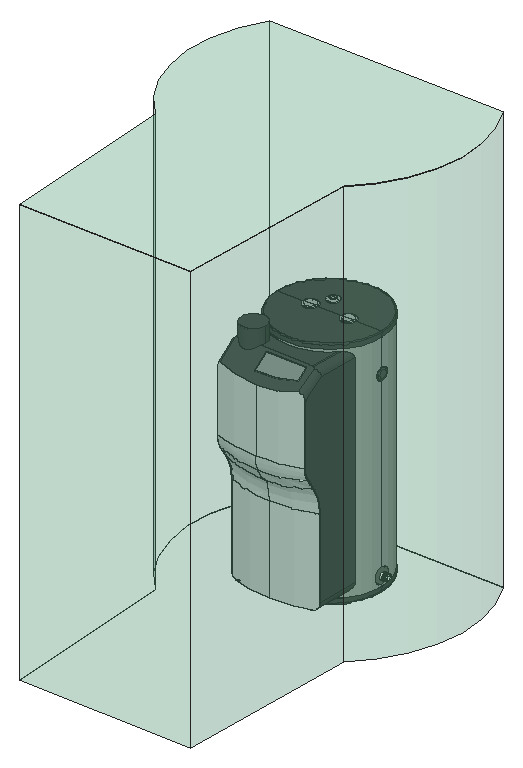
Revit family "Innovo NL_IR 32 285 NL NAT", category Mechanical Equipment, Revit 2015
Parameters (values of type "IR-32-285 NL NAT")
  Werkruimte Radius = Diameter + 170 mm  # 730 mm
  Werkruimte Hoogte = Hoogte + 1000 mm  # 2270 mm
  Werkruimte Afstand Voor = 1000 mm
  Werkruimte [instance] = yes
  Voorzorgsmaatregelen tijdens montage, installatie of onderhoud = "zie Gebruikers, Installatie, Service en Onderhouds handleiding"  # constant formula
  Voltage = 230 V  # constant formula
  Verpakkingslengte = 946 mm  # constant formula
  Verpakkingshoogte = 1465 mm
  Verpakkingsbreedte = 786 mm  # constant formula
  Uitsluitend werkend in daluren = no
  Type aanduiding = "IR-12-160"
  Transportgewicht = 114 kg
  Totaal Gewicht = 274 kg
  Stilstandsverlies - dagelijks (24u) = 0 W
  Stilstandsverlies = 0 W
  Standaard Afgesteld op = "G25.3"
  Stand Regelthermostaat = 65 °C  # constant formula
  Soort Verpakking = "Karton en Hout"  # constant formula
  Slimme controlefunctie = no
  Setpoint thermostaat = 65 °C  # constant formula
  Seizoens Rendement (Hs) = [Rendement (Hs, vlgs. NEN-EN 89 - 1999)]  # 96
  Rendement (Hs, vlgs. NEN-EN 89 - 1999) = 96
  Rendement (Hi, vlgs. NEN-EN 89 - 1999) = 107
  Produktspecificaties Link = ""
  Produkthandleiding Link = ""
  Produkt Model Nummer (EAN-nummer) = "8717449283780"
  Onderhoudsinterval = "12 maanden"  # constant formula
  Nominale Belasting (Onderwaarde) = "10900.0"
  Nominale Belasting (Bovenwaarde) = "12100.0"
  Nominaal Vermogen = "11700.0"
  NOx-uitstoot mg/kWh = "22.0"
  NOx-uitstoot (lucht vrij, 0% O2) ppm = "14"
  Min. Stand Regelthermostaat = 40 °C  # constant formula
  Max. Werkdruk = 800000.0 Pa
  Max. Stand Regelthermostaat = 85 °C  # constant formula
  Max. Rookgastemperatuur = 45 °C
  Ledig Gewicht = 95 kg
  Kraan Hoogte 02 = if(and(Hoogte = 1745 mm, Diameter = 675 mm), 1518 mm, if(and(Hoogte = 1745 mm, Diameter = 610 mm), 1534 mm, if(Hoogte = 1545 mm, 1328 mm, 1070 mm)))  # 1070 mm
  Kraan Hoogte 01 = if(and(Diameter > 560 mm), 693 mm, 604 mm)  # 604 mm
  Uitschakeldruk LDS < = 115.0 Pa
  URL = "www.aosmith.nl"
  Tapcapaciteit bij ΔT = 70°C  na 90 min. = 270.0 L
  Tapcapaciteit bij ΔT = 70°C  na 60 min. = 200.0 L
  Tapcapaciteit bij ΔT = 70°C  na 30 min. = 120.0 L
  Tapcapaciteit bij ΔT = 70°C  na 120 min. = 340.0 L
  Tapcapaciteit bij ΔT = 55°C  na 90 min. = 370.0 L
  Tapcapaciteit bij ΔT = 55°C  na 60 min. = 270.0 L
  Tapcapaciteit bij ΔT = 55°C  na 30 min. = 180.0 L
  Tapcapaciteit bij ΔT = 55°C  na 120 min. = 460.0 L
  Tapcapaciteit bij ΔT = 50°C  na 90 min. = 410.0 L
  Tapcapaciteit bij ΔT = 50°C  na 60 min. = 310.0 L
  Tapcapaciteit bij ΔT = 50°C  na 30 min. = 210.0 L
  Tapcapaciteit bij ΔT = 50°C na 120 min. = 510.0 L
  Tapcapaciteit bij ΔT = 44°C na 120 min. = 480.0 L
  Tapcapaciteit bij ΔT = 44°C  na 90 min. = 360.0 L
  Tapcapaciteit bij ΔT = 44°C  na 60 min. = 250.0 L
  Tapcapaciteit bij ΔT = 44°C  na 30 min. = 590.0 L
  Tapcapaciteit bij ΔT = 28°C na 90 min. = 780.0 L
  Tapcapaciteit bij ΔT = 28°C na 60 min. = 600.0 L
  Tapcapaciteit bij ΔT = 28°C na 30 min. = 420.0 L
  Tapcapaciteit bij ΔT = 28°C na 120 min. = 960.0 L
  Tapcapaciteit Continu bij ΔT = 70°C = 150.0 L/s
  Tapcapaciteit Continu bij ΔT = 55°C = 190.0 L/s
  Tapcapaciteit Continu bij ΔT = 50°C = 200.0 L/s
  Tapcapaciteit Continu bij ΔT = 44°C = 230.0 L/s
  Tapcapaciteit Continu bij ΔT = 28°C = 360.0 L/s
  Opwarmtijd bij ΔT = 70°C = "42"
  Opwarmtijd bij ΔT = 55°C = "34"
  Opwarmtijd bij ΔT = 50°C = "31"
  Opwarmtijd bij ΔT = 44°C = "27"
  Opwarmtijd bij ΔT = 28°C = "17"
  Model = "IR-12-160 NL NAT"
  Manufacturer = "A.O. Smith Water Products Company b.v."  # constant formula
  Length = 780 mm  # constant formula
  Jaarlijks elektriciteitsverbruik (2) = "-"
  Jaarlijks elektriciteitsverbruik (1) = "38 kWh"
  Jaarlijks brandstofverbruik (2) = "-"
  Jaarlijks brandstofverbruik (1) = "16 GJ GCV"
  Isolatiedikte = 50 mm
  Installatie Typen = "B23/C13/C33/C43/C53/C63"  # constant formula
  Inhoud = 160.0 L
  Hoogte Warm Water Uitlaat = 1270 mm
  Hoogte Rookgasafvoer = 1295 mm
  Hoogte Lucht Inlaat = 1295 mm
  Hoogte Koud Water Inlaat = 170 mm
  Hoogte Gas Aansluiting = 860 mm
  Hoogte = 1270 mm
  Handelsmerk = "A.O. Smith"  # constant formula
  Geluidsniveau dB (A) = "<45"  # constant formula
  Geluidsniveau binnen = "41 dB"
  Gasverbruik - Volume ltr/hr = "1.20"
  Gasverbruik - Massa kg/h = "n.v.t."
  Gascategorie = "II2EK3B/P"  # constant formula
  Gas Voordruk = 2500.0 Pa
  Gas Aansluiting = 15"  # constant formula
  Garrantie op Tank = "36 maanden"  # constant formula
  Garrantie op Onderdelen = "12 maanden"  # constant formula
  Frequentie = 50 Hz  # constant formula
  Fase = 1
  Fabrikantnummer = "E 7110"  # constant formula
  Energie-efficiëntieklasse voor waterverwarming (2) = "-"
  Energie-efficiëntieklasse voor waterverwarming (1) = "A"  # constant formula
  Energie-efficiëntie voor waterverwarming (2) = "-"
  Energie-efficiëntie voor waterverwarming (1) = "92%"
  Elektrisch Vermogen (piek) = 85 W
  Elektrisch Vermogen (nominaal) = 25 W
  Diameter Schoorsteen - parallel systeem = "2x80"  # constant formula
  Diameter Schoorsteen - concentrisch systeem = "80/125 mm/mm"  # constant formula
  Diameter Schoorsteen - boiler = "80/125 mm/mm"  # constant formula
  Diameter = 560 mm
  Description = "Condenserende Hoog Rendementsboiler"  # constant formula
  Created By = "http://www.cadcompany.nl/"
  Capaciteitsprofiel = "XL"
  CO2-uitstoot (tol. +/- 1.0) vol% = "9.3"
  CE-PIN = "0063CQ3037"  # constant formula
  Breedte = Diameter  # 560 mm
  Bestemming / Land = "Nederland"  # constant formula
  BIM Content Developer = "CAD & Company"  # constant formula
  Assembly Code = "D3010"
  Ander capaciteitsprofiel = "-"
  Aansluiting Warm Water = 3/4"
  Aansluiting T&P = 3/4"
  Aansluiting Koud Water = 3/4"  # constant formula
  Aansluiting Condensafvoer = 40 mm  # constant formula
  Aansluiting Aftapkraan = 3/4"  # constant formula
  2e Onderhoud (algeheel onderhoud) = "12 maanden na installatie"  # constant formula
  1e Onderhoud (check-up) = "3 maanden na installatie"  # constant formula
Reference planes
  plane 1 "Center (Front/Back)": y = 0
  plane 2: z = 0
  plane 3 "Center (Left/Right)": x = 0
  plane 4 "Pipe": through (-383.901, 912.349, 194.799) normal (-0.0879, -0.0879, 0.9923)
  plane 5 "footing": y = 118.925
  plane 6 "footing front": y = -237.85
  plane 7: x = -280
  plane 8: x = 280
  plane 9: z = 1270
Forms (mm)
  Revolve 1, solid, material "RAL 9005", detail levels medium+fine
    sketch origin (0, -237.85, 0) x (-1, 0, 0) y (0, 0, 1)
      loop
        line (0, 28.9) -> (-15, 28.9) -> (-15, 26.4) -> (-8.671, 26.4) -> (-8.671, 18) -> (-5.686, 18) -> (-6.626, 17.06) -> (-6.626, 12.06) -> (-8.671, 12.06) -> (-8.671, 10) -> (-10.031, 10) -> (-23.271, 5.181)
        arc (-23.271, 5.181) -> (-23.763, 4.836) -> (-24.017, 4.293) r 1.159
        line (-24.017, 4.293) -> (-24.017, 1.03)
        arc (-24.017, 1.03) -> (-23.715, 0.302) -> (-22.986, 0) r 1.03
        line (-22.986, 0) -> (0, 0) -> (0, 28.9)
      axis (0, 28.9) -> (0, 0)
    angle from 0 to 360
  Revolve 2, solid, material "RAL 9005", detail levels medium+fine
    sketch origin (0, 118.925, 0) x (-1, 0, 0) y (0, 0, 1)
      loop
        line (-180.984, 28.9) -> (-195.984, 28.9) -> (-195.984, 26.4) -> (-189.655, 26.4) -> (-189.655, 18) -> (-186.67, 18) -> (-187.61, 17.06) -> (-187.61, 12.06) -> (-189.655, 12.06) -> (-189.655, 10) -> (-191.015, 10) -> (-204.256, 5.181)
        arc (-204.256, 5.181) -> (-204.747, 4.836) -> (-205.001, 4.293) r 1.159
        line (-205.001, 4.293) -> (-205.001, 1.03)
        arc (-205.001, 1.03) -> (-204.699, 0.302) -> (-203.971, 0) r 1.03
        line (-203.971, 0) -> (-180.984, 0) -> (-180.984, 28.9)
      axis (-180.984, 28.9) -> (-180.984, 0)
    angle from 0 to 360
  Revolve 3, solid, material "RAL 9005", detail levels medium+fine
    sketch origin (0, 118.925, 0) x (-1, 0, 0) y (0, 0, 1)
      loop
        line (179.016, 28.9) -> (164.016, 28.9) -> (164.016, 26.4) -> (170.345, 26.4) -> (170.345, 18) -> (173.33, 18) -> (172.39, 17.06) -> (172.39, 12.06) -> (170.345, 12.06) -> (170.345, 10) -> (168.985, 10) -> (155.744, 5.181)
        arc (155.744, 5.181) -> (155.253, 4.836) -> (154.999, 4.293) r 1.159
        line (154.999, 4.293) -> (154.999, 1.03)
        arc (154.999, 1.03) -> (155.301, 0.302) -> (156.029, 0) r 1.03
        line (156.029, 0) -> (179.016, 0) -> (179.016, 28.9)
      axis (179.016, 28.9) -> (179.016, 0)
    angle from 0 to 360
Lines and regions (mm)
  symbolic lines
    curve 1: line (0, 280.06, 0) -> (0, -280.06, 0)
    curve 2: line (-255.06, 0, 0) -> (255.06, 0, 0)
  symbolic lines, style "Workspace"
    curve 3: line (623.261, 380.06, 0) -> (-623.261, 380.06, 0)
    curve 4: arc (-623.261, 380.06, 0) -> (-726.942, -66.745, 0) -> (-543.632, -487.2, 0) r 730
    curve 5: line (-543.632, -487.2, 0) -> (-396.783, -1492.825, 0)
    curve 6: line (-396.783, -1492.825, 0) -> (399.03, -1492.825, 0)
    curve 7: line (399.03, -1492.825, 0) -> (545.76, -484.816, 0)
    curve 8: arc (545.76, -484.816, 0) -> (727.087, -65.154, 0) -> (623.261, 380.06, 0) r 730
Dimensions and locks
  plane 5 "footing" to plane 1 "Center (Front/Back)" = 118.925 mm
  plane 1 "Center (Front/Back)" to plane 6 "footing front" = 237.85 mm
  "Diameter": plane 7 to plane 8
  equal spacing: plane 7, plane 3 "Center (Left/Right)", plane 8
  "Hoogte": plane 9 to plane 2
  "Werkruimte Afstand Voor": curve 6 to nested 3
  "Werkruimte Radius": radius of curve 4
  "Werkruimte Radius": radius of curve 8
  aligned and locked: level to plane 2
  aligned and locked: nested 3 to Revolve 1 sketch curve
  aligned and locked: plane 3 "Center (Left/Right)" to Revolve 1 sketch curve
  aligned and locked: nested 3 to plane 1 "Center (Front/Back)"
  aligned and locked: plane 3 "Center (Left/Right)" to nested 3
  aligned and locked: nested 1 to plane 8
  aligned and locked: nested 5 to plane 8
  aligned and locked: nested 2 to plane 7
  aligned and locked: nested 4 to plane 7
  aligned and locked: nested 7 to plane 7
  aligned and locked: nested 8 to plane 3 "Center (Left/Right)"
  aligned and locked: curve 3 to nested 8
  aligned and locked: nested 8 to nested 3
Automatic sketch dimensions
  Revolve 1 sketch curve to level = 0 mm
  plane 3 "Center (Left/Right)" to Revolve 1 sketch curve = 5.686 mm
  Revolve 1 sketch curve to Revolve 1 sketch curve = 0.94 mm  (x2)
  Revolve 1 sketch curve to Revolve 1 sketch curve = 2.046 mm  (x2)
  Revolve 1 sketch curve to Revolve 1 sketch curve = 1.359 mm
  Revolve 1 sketch curve to Revolve 1 sketch curve = 6.329 mm
  level to Revolve 1 sketch curve = 4.091 mm
  Revolve 1 sketch curve to Revolve 1 sketch curve = 12.844 mm
  level to Revolve 1 sketch curve = 1.03 mm
  Revolve 1 sketch curve to Revolve 1 sketch curve = 0.111 mm
  level to Revolve 1 sketch curve = 5.181 mm
  Revolve 1 sketch curve to Revolve 1 sketch curve = 0.745 mm
  level to Revolve 1 sketch curve = 10 mm
  Revolve 1 sketch curve to Revolve 1 sketch curve = 2.06 mm
  Revolve 1 sketch curve to Revolve 1 sketch curve = 5 mm
  Revolve 1 sketch curve to Revolve 1 sketch curve = 8.4 mm
  Revolve 1 sketch curve to Revolve 1 sketch curve = 2.5 mm
  Revolve 1 sketch curve to level = 19.635 mm
  Revolve 1 sketch curve to Revolve 1 sketch curve = 46.465 mm
  Revolve 2 sketch curve to level = 0 mm
  level to Revolve 2 sketch curve = 1.03 mm
  Revolve 2 sketch curve to plane 8 = 74.999 mm
  level to Revolve 2 sketch curve = 5.181 mm
  Revolve 2 sketch curve to Revolve 2 sketch curve = 0.745 mm
  Revolve 2 sketch curve to Revolve 2 sketch curve = 0.397 mm
  Revolve 2 sketch curve to Revolve 2 sketch curve = 8.271 mm
  Revolve 2 sketch curve to Revolve 2 sketch curve = 13.241 mm
  Revolve 2 sketch curve to Revolve 2 sketch curve = 1.359 mm
  Revolve 2 sketch curve to Revolve 2 sketch curve = 6.329 mm
  Revolve 2 sketch curve to Revolve 2 sketch curve = 2.046 mm
  level to Revolve 2 sketch curve = 18 mm
  Revolve 2 sketch curve to Revolve 2 sketch curve = 0.94 mm  (x2)
  Revolve 2 sketch curve to Revolve 2 sketch curve = 8.671 mm
  Revolve 2 sketch curve to Revolve 2 sketch curve = 1.089 mm
  Revolve 2 sketch curve to Revolve 2 sketch curve = 8 mm
  Revolve 2 sketch curve to Revolve 2 sketch curve = 2.06 mm
  Revolve 2 sketch curve to Revolve 2 sketch curve = 8.4 mm
  Revolve 2 sketch curve to Revolve 2 sketch curve = 2.5 mm
  Revolve 2 sketch curve to Revolve 2 sketch curve = 0 mm
  Revolve 2 sketch curve to level = 19.635 mm
  Revolve 2 sketch curve to Revolve 2 sketch curve = 46.465 mm
  Revolve 3 sketch curve to level = 0 mm
  level to Revolve 3 sketch curve = 1.03 mm
  Revolve 3 sketch curve to plane 7 = 125.001 mm
  level to Revolve 3 sketch curve = 5.181 mm
  Revolve 3 sketch curve to Revolve 3 sketch curve = 0.745 mm
  Revolve 3 sketch curve to Revolve 3 sketch curve = 0.397 mm
  Revolve 3 sketch curve to Revolve 3 sketch curve = 8.271 mm
  Revolve 3 sketch curve to Revolve 3 sketch curve = 13.241 mm
  Revolve 3 sketch curve to Revolve 3 sketch curve = 1.359 mm
  Revolve 3 sketch curve to Revolve 3 sketch curve = 6.329 mm
  Revolve 3 sketch curve to Revolve 3 sketch curve = 2.046 mm
  level to Revolve 3 sketch curve = 18 mm
  Revolve 3 sketch curve to Revolve 3 sketch curve = 0.94 mm  (x2)
  Revolve 3 sketch curve to Revolve 3 sketch curve = 8.671 mm
  Revolve 3 sketch curve to Revolve 3 sketch curve = 1.089 mm
  Revolve 3 sketch curve to Revolve 3 sketch curve = 8 mm
  Revolve 3 sketch curve to Revolve 3 sketch curve = 2.06 mm
  Revolve 3 sketch curve to Revolve 3 sketch curve = 8.4 mm
  Revolve 3 sketch curve to Revolve 3 sketch curve = 2.5 mm
  Revolve 3 sketch curve to Revolve 3 sketch curve = 0 mm
  Revolve 3 sketch curve to level = 19.635 mm
  Revolve 3 sketch curve to Revolve 3 sketch curve = 46.465 mm
  curve 4 to curve 8 = 0 mm  (x2)
  plane 1 "Center (Front/Back)" to curve 2 = 0 mm
  curve 1 to plane 3 "Center (Left/Right)" = 0 mm
  plane 1 "Center (Front/Back)" to curve 4 = 0 mm
  curve 4 to plane 3 "Center (Left/Right)" = 0 mm
  curve 5 to plane 6 "footing front" = 249.35 mm
  plane 7 to curve 5 = 116.783 mm
  plane 8 to curve 7 = 119.03 mm
  curve 7 to plane 6 "footing front" = 246.966 mm
  curve 2 to plane 7 = 24.94 mm
  curve 2 to plane 8 = 24.94 mm
  curve 1 to plane 6 "footing front" = 42.21 mm
  plane 5 "footing" to curve 1 = 161.135 mm
Nested families
  nested 1: "Valve" at (280, -0.38, 1070) x (0, 1, 0) z (0, 0, 1), built-in parameter 1001364 <- "Kraan Hoogte 02", type "Valve"
  nested 2: "Drain Valve" at (-280, 0, 1070), built-in parameter 1001364 <- "Kraan Hoogte 02", type "Drain Valve"
  nested 3: "Housing Mother Housing S 57 (external)" at (0, -274.886, 0), type "Housing Mother_Housing S_57"
  nested 4: "Drain Valve" at (-280, 0, 177), type "Drain Valve"
  nested 5: "Drain Valve" at (280, 0, 107) x (-1, 0, 0) z (0, 0, 1), type "Drain Valve"
  nested 6: "Boiler" at (0, 0, 0), height <- "Hoogte", type "Boiler"
    with height 1270 mm
  nested 7: "Drain Valve" at (-280, 0, 604), built-in parameter 1001364 <- "Kraan Hoogte 01", type "Drain Valve"
  nested 8: "Innovo_workspace" at (0, 0, 0), Workspace <- "Werkruimte", Workspace Distance Front <- "Werkruimte Afstand Voor", Workspace Height <- "Werkruimte Hoogte", Workspace Radius <- "Werkruimte Radius", type "Workspace"
    with Workspace Radius 730 mm, Workspace Height 2270 mm, Workspace Distance Front 1000 mm, Workspace yes, Center to Front 492.825 mm
Connectors
  piping at (314.826, 0, 107), diameter 19.05, driven by "Aansluiting Aftapkraan"
    settings: on nested 5, index 1, connector inside diameter 24", connector length 0 mm, flow factor 0, pipe flow 0.0 L/s, pressure drop 0.0 Pa, fitting loss kfactor 0, connector angle 0.00°, fixture units 0, engagement length 0 mm, angle of deflection 0.00°, flow configuration 0, flow direction 0, fitting loss method 0, system type 19, joint type 0, gender type 0, connector reference index -1, connector utility 0, adjustable connector no, is connector primary yes, connector description ""
  hvac at (-147.013, -321.326, 1310.674)
    settings: on nested 3, index 2, duct flow 0.0 L/s, flow factor 0, pres drop 0.0 Pa, loss coef 0, conn angle 0.00°, conn width 304.8 mm, conn height 304.8 mm, conn diameter 125 mm, duct sys type 4, conn prof type 0, flow config 0, flow direction 0, loss method 0, conn ref index -1, conn util no, is conn primary yes, conn desc ""
Definition of nested family "Valve"
  Parameters (values of type "Valve")
    Type Comments = "T&P valve (internal)"
    Manufacturer = "A.O. Smith"
  Reference planes
    plane 1 "Center (Front/Back)": y = 0
    plane 2: z = 0
    plane 3 "Center (Left/Right)": x = 0
  Forms (mm)
    Extrusion 1, solid, detail levels fine
      sketch origin (0, 0, 0) x (1, 0, 0) y (0, 0, 1)
        loop
          circle (0, 0) r 31.5
      from -2.271 to 1.4
    Sweep 2, solid, detail levels fine
      path origin (0, -1.4, 0) x (1, 0, 0) y (0, 0, 1)
        loop
          circle (0, 0) r 31.5
      profile origin (0, -1.4, 31.5) x (0, 0, -1) y (0, -1, 0)
        loop
          line (7.3, 0) -> (7.3, 3) -> (0, 0) -> (7.3, 0)
  Dimensions and locks
    aligned and locked: level to plane 2
Definition of nested family "Drain Valve"
  Reference planes
    plane 1 "Center (Front/Back)": y = 0
    plane 2: z = 0
    plane 3 "Center (Left/Right)": x = 0
  Forms (mm)
    Revolve 1, solid, detail levels medium+fine
      sketch origin (0, 0, 0) x (1, 0, 0) y (0, 0, 1)
        loop
          line (-33.442, 15.696) -> (-34.826, 14.329) -> (-34.93, 12.731) -> (-16.555, 12.731) -> (-16.555, 0) -> (15.787, 0) -> (15.787, 18.3) -> (-14.4, 18.3) -> (-17.148, 15.533) -> (-18.729, 16.697) -> (-20.091, 15.333) -> (-21.672, 16.496) -> (-23.034, 15.133) -> (-24.614, 16.296) -> (-25.976, 14.932) -> (-27.557, 16.096) -> (-28.919, 14.732) -> (-30.5, 15.896) -> (-31.862, 14.532) -> (-33.442, 15.696)
        axis (-34.93, 0) -> (15.787, 0)
      angle from 0 to 360
  Dimensions and locks
    aligned and locked: level to plane 2
  Nested families
    nested 1: "Rubber sealing" at (2.592, -0.155, 0) x (0.0023, -1, 0) z (0, 0, 1), type "Rubber sealing", detail levels fine
  Definition of nested family "Rubber sealing"
    Reference planes
      plane 1 "Center (Front/Back)": y = 0
      plane 2: z = 0
      plane 3 "Center (Left/Right)": x = 0
    Forms (mm)
      Extrusion 1, solid, detail levels fine
        sketch origin (141.861, 319.581, 0) x (1, 0, 0) y (0, 1, 0)
          loop
            line (-216.354, -311.898) -> (-216.354, -313.94)
            arc (-216.354, -313.94) -> (-141.602, -321.581) -> (-66.861, -313.835) r 366.966
            line (-66.861, -313.835) -> (-66.861, -311.791)
            arc (-66.861, -311.791) -> (-141.602, -319.581) -> (-216.354, -311.898) r 364.966
        from -80 to 80
      Extrusion 2, void
        sketch origin (141.861, 319.581, 0) x (1, 0, 0) y (0, 0, 1)
          loop
            circle (-141.861, 0) r 13
          loop
            circle (-141.861, 0) r 110
          loop
            circle (-141.861, 0) r 40
        from 311.563 to 332.684
      Extrusion 3, void
        sketch origin (141.861, 319.581, 0) x (1, 0, 0) y (0, 0, 1)
          loop
            circle (-141.861, 0) r 18.25
        from 315.524 to 326.084
    Cuts and joins
      Extrusion 2, Extrusion 3 cuts Extrusion 1
    Dimensions and locks
      aligned and locked: level to plane 2
Definition of nested family "Housing Mother Housing S 57 (external)"
  Parameters (values of type "Housing Mother_Housing S_57")
    radius [instance] = 280 mm
    distance to boiler center = if(diameter = 675 mm, 189 mm, if(diameter = 610 mm, 154 mm, 129 mm))  # 129 mm
    diameter = 560 mm
  Reference planes
    plane 1 "Center (Front/Back)": y = 0
    plane 2: z = 0
    plane 3 "Center (Left/Right)": x = 0
    plane 4 "left": through (-245.286, 145.886, 1200) normal (0.9994, 0.0349, 0)
    plane 5: y = -217.939
    plane 6: y = 145.886
    plane 7: z = 1232.6
    plane 8: z = 65.89
    plane 9 "right": through (245.286, 145.886, 1200) normal (0.9994, -0.0349, 0)
    plane 10 "display": through (0, -90.37, 1221.196) normal (0, -0.5736, 0.8192)
    plane 11 "Potentiostat": z = 867.899
    plane 12 "boiler center": y = 274.886
    plane 13: x = -280
    plane 14: x = 280
  Forms (mm)
    Extrusion 1, solid
      sketch origin (0, 0, 0) x (1, 0, 0) y (0, 1, 0)
        loop
          line (-245.286, 145.886) -> (-232.581, -217.939) -> (232.581, -217.939) -> (245.286, 145.886)
          arc (245.286, 145.886) -> (0, 0.923) -> (-245.286, 145.886) r 280
      from 0 to 1232.6
    Sweep 2, void
      path origin (0, 0, 0) x (0, 1, 0) y (0, 0, 1)
        loop
          line (-217.939, 1232.6) -> (-217.939, 795.555)
          arc (-217.939, 795.555) -> (-212.387, 754.285) -> (-197.694, 715.322) r 183.924
          arc (-197.694, 715.322) -> (-179.915, 684.628) -> (-159.106, 655.901) r 348.284
          arc (-159.106, 655.901) -> (-131.411, 600.328) -> (-121.88, 538.973) r 202.254
          line (-121.88, 538.973) -> (-121.88, 61.106)
      profile origin (0, -217.939, 1014.077) x (1, 0, 0) y (0, 1, 0)
        loop
          arc (0, 0) -> (-117.533, 9.941) -> (-231.728, 39.475) r 699.984
          arc (-231.728, 39.475) -> (-233.391, 40.705) -> (-234.07, 42.659) r 3.505
          line (-234.07, 42.659) -> (-254.062, 42.659) -> (-254.062, -142.593) -> (254.07, -142.593) -> (254.07, 42.659) -> (234.07, 42.659)
          arc (234.07, 42.659) -> (233.391, 40.705) -> (231.728, 39.475) r 3.505
          arc (231.728, 39.475) -> (117.533, 9.941) -> (0, 0) r 699.984
    Extrusion 3, void
      sketch origin (0, 0, 0) x (0, 1, 0) y (0, 0, 1)
        loop
          arc (102.864, 70.869) -> (99.804, 70.709) -> (96.874, 69.813) r 12.57
          arc (96.874, 69.813) -> (87.878, 66.533) -> (78.516, 64.529) r 69.114
          arc (78.516, 64.529) -> (76.41, 64.284) -> (74.294, 64.148) r 41.206
          arc (74.294, 64.148) -> (65.203, 64.335) -> (56.122, 64.782) r 318.661
          arc (56.122, 64.782) -> (30.585, 66.179) -> (5.028, 67.128) r 1456.581
          line (5.028, 67.128) -> (-84.534, 73.135)
          arc (-84.534, 73.135) -> (-86.363, 73.808) -> (-87.536, 75.365) r 3.455
          line (-87.536, 75.365) -> (-264.473, 75.365) -> (-264.473, 0) -> (160.886, 0) -> (160.886, 103.945) -> (145.886, 103.945)
          arc (145.886, 103.945) -> (145.104, 97.827) -> (142.923, 92.059) r 26.364
          arc (142.923, 92.059) -> (141.067, 88.936) -> (138.867, 86.045) r 31.715
          arc (138.867, 86.045) -> (135.576, 82.49) -> (132.021, 79.2) r 62.615
          arc (132.021, 79.2) -> (125.841, 74.697) -> (119.091, 71.103) r 54.444
          arc (119.091, 71.103) -> (116.371, 70.272) -> (113.531, 70.123) r 11.669
          line (113.531, 70.123) -> (102.864, 70.869)
      from -254.062 to 254.07
    Sweep 4, void
      path origin (0, 0, 0) x (1, 0, 0) y (0, 1, 0)
        loop
          line (-245.286, 145.886) -> (-232.581, -217.939)
      profile origin (-238.933, -36.027, 0) x (0.999391, 0.034899, 0) y (0, 0, 1)
        loop
          line (-4.454, 0) -> (47.084, 0) -> (47.084, 73.431)
          arc (47.084, 73.431) -> (14.222, 85.134) -> (0.255, 117.1) r 43.922
          line (0.255, 117.1) -> (-4.454, 117.1) -> (-4.454, 0)
    Sweep 5, void
      path origin (0, 0, 0) x (-1, 0, 0) y (0, 1, 0)
        loop
          line (-245.286, 145.886) -> (-232.581, -217.939)
      profile origin (238.933, -36.027, 0) x (0.999391, -0.034899, 0) y (0, 0, 1)
        loop
          line (4.454, 0) -> (4.454, 117.1) -> (-0.255, 117.1)
          arc (-0.255, 117.1) -> (-14.222, 85.134) -> (-47.084, 73.431) r 43.922
          line (-47.084, 73.431) -> (-47.084, 0) -> (4.454, 0)
    Sweep 6, void
      path origin (-239.899, -8.377, 0) x (-0.034899, 0.999391, 0) y (0, 0, 1)
        loop
          line (-209.69, 1141.272) -> (-79.18, 1232.6) -> (154.358, 1232.6)
      profile origin (-241.211, 29.188, 1232.6) x (0, 0, 1) y (0.999391, 0.034899, 0)
        loop
          line (-45, -30) -> (75, -30) -> (75, 0) -> (75, 55) -> (2.799, 55) -> (-1.253, 35.128)
          arc (-1.253, 35.128) -> (-16.771, 9.564) -> (-45, -0.308) r 44.287
          line (-45, -0.308) -> (-45, -30)
    Sweep 7, void
      path origin (239.899, -8.377, 0) x (0.034899, 0.999391, 0) y (0, 0, 1)
        loop
          line (-209.69, 1141.272) -> (-79.18, 1232.6) -> (154.358, 1232.6)
      profile origin (241.211, 29.188, 1232.6) x (0, 0, -1) y (-0.999391, 0.034899, 0)
        loop
          line (-75, -25) -> (45, -25) -> (45, -0.308)
          arc (45, -0.308) -> (16.771, 9.564) -> (1.253, 35.128) r 44.287
          line (1.253, 35.128) -> (-2.799, 55) -> (-75, 55) -> (-75, -25)
    Extrusion 8, void
      sketch origin (0, 0, 0) x (0, 1, 0) y (0, 0, 1)
        loop
          line (-270, 1336.099) -> (-270, 1099.081) -> (68.497, 1336.099) -> (-270, 1336.099)
      from -425.038 to 444.42
    Extrusion 9, solid, detail levels medium+fine
      sketch origin (0, 0, 0) x (1, 0, 0) y (0, 1, 0)
        loop
          circle (-147.013, -46.44) r 65
      from 1163.174 to 1310.674
    Extrusion 10, void
      sketch origin (0, -603.506, 861.895) x (0, 0.819152, 0.573576) y (-1, 0, 0)
        loop
          arc (618.322, -173) -> (623.272, -170.95) -> (625.322, -166) r 7
          line (625.322, -166) -> (625.322, 35)
          arc (625.322, 35) -> (623.272, 39.95) -> (618.322, 42) r 7
          line (618.322, 42) -> (535.473, 42)
          arc (535.473, 42) -> (530.688, 40.11) -> (528.488, 35.46) r 7
          arc (528.488, 35.46) -> (531.569, -67.592) -> (554.18, -168.18) r 540
          arc (554.18, -168.18) -> (556.724, -171.668) -> (560.831, -173) r 7
          line (560.831, -173) -> (618.322, -173)
      from 0 to 137.286
    Sweep 11, solid, detail levels fine
      path origin (0, 0, 867.899) x (-1, 0, 0) y (0, -1, 0)
        loop
          line (309.749, -35.617) -> (204.371, -35.617)
          arc (204.371, -35.617) -> (196.509, -34.687) -> (189.082, -31.947) r 33.677
          line (189.082, -31.947) -> (-9.574, 69.274)
      profile origin (-257.06, 35.617, 867.899) x (0, 1, 0) y (0, 0, 1)
        loop
          circle (0, 0) r 7.316
        loop
          circle (0, 0) r 6.465
    Revolve 12, void
      sketch origin (0, 274.886, 0) x (-1, 0, 0) y (0, 0, 1)
        loop
          line (280, 1243.838) -> (0, 1243.838) -> (0, 54.9) -> (280, 54.9) -> (280, 1243.838)
        axis (0, 1243.838) -> (0, 54.9)
      angle from 0 to 360
  Cuts and joins
    Sweep 2, Extrusion 3, Sweep 4, Sweep 5, Sweep 6, Sweep 7, Extrusion 8, Extrusion 10, Revolve 12 cuts Extrusion 1
  Dimensions and locks
    plane 8 to plane 2 = 65.89 mm
    plane 7 to plane 8 = 1166.71 mm
    "distance to boiler center": plane 12 "boiler center" to plane 6
    "diameter": plane 14 to plane 13
    equal spacing: plane 14, plane 3 "Center (Left/Right)", plane 13
    "radius": plane 3 "Center (Left/Right)" to plane 13
    aligned and locked: level to plane 2
    aligned and locked: Extrusion 1 to plane 7
    aligned and locked: Extrusion 1 sketch curve to plane 5
    aligned and locked: Sweep 2 to Extrusion 3
    aligned and locked: Extrusion 3 to Sweep 2  (x2)
    aligned and locked: plane 7 to Sweep 2 sketch curve
    aligned and locked: plane 3 "Center (Left/Right)" to Revolve 12 sketch curve
    aligned and locked: Revolve 12 sketch curve to plane 3 "Center (Left/Right)"
    aligned and locked: plane 13 to Revolve 12 sketch curve
  Automatic sketch dimensions
    Extrusion 1 sketch curve to plane 4 "left" = 0 mm  (x2)
    Extrusion 1 sketch curve to plane 6 = 0 mm  (x2)
    Extrusion 1 sketch curve to plane 3 "Center (Left/Right)" = 0 mm
    Extrusion 1 sketch curve to plane 9 "right" = 0 mm
    plane 6 to Extrusion 1 sketch curve = 135.037 mm
    Sweep 2 sketch curve to plane 5 = 0 mm
    plane 5 to Sweep 2 sketch curve = 106.195 mm
    Sweep 2 sketch curve to plane 5 = 96.059 mm
    plane 1 "Center (Front/Back)" to Sweep 2 sketch curve = 34.053 mm
    plane 11 "Potentiostat" to Sweep 2 sketch curve = 6.417 mm
    Sweep 2 sketch curve to plane 6 = 33.705 mm
    Sweep 2 sketch curve to plane 11 "Potentiostat" = 68.615 mm
    Sweep 2 sketch curve to plane 11 "Potentiostat" = 72.345 mm
    Sweep 2 sketch curve to Sweep 2 sketch curve = 176.349 mm
    Sweep 2 sketch curve to Sweep 2 sketch curve = 0 mm  (x2)
    plane 8 to Sweep 2 sketch curve = 4.784 mm
    Extrusion 3 sketch curve to level = 0 mm
    Extrusion 3 sketch curve to plane 6 = 0 mm
    Extrusion 3 sketch curve to plane 6 = 26.363 mm
    Extrusion 3 sketch curve to Extrusion 3 sketch curve = 4.75 mm
    Extrusion 3 sketch curve to Extrusion 3 sketch curve = 5.179 mm
    Extrusion 3 sketch curve to plane 8 = 4.232 mm
    Extrusion 3 sketch curve to Extrusion 3 sketch curve = 0.814 mm
    Extrusion 3 sketch curve to plane 8 = 4.978 mm
    Extrusion 3 sketch curve to Extrusion 3 sketch curve = 10.667 mm
    Extrusion 3 sketch curve to Extrusion 3 sketch curve = 0.877 mm
    Extrusion 3 sketch curve to Extrusion 3 sketch curve = 17.827 mm
    Extrusion 3 sketch curve to Extrusion 3 sketch curve = 5.646 mm
    Extrusion 3 sketch curve to plane 6 = 69.562 mm
    Extrusion 3 sketch curve to Extrusion 3 sketch curve = 18.6 mm
    Extrusion 3 sketch curve to Extrusion 3 sketch curve = 22.538 mm
    Extrusion 3 sketch curve to plane 8 = 1.238 mm
    Extrusion 3 sketch curve to plane 1 "Center (Front/Back)" = 5.028 mm
    plane 1 "Center (Front/Back)" to Extrusion 3 sketch curve = 36.224 mm
    Extrusion 3 sketch curve to plane 8 = 10.692 mm
    plane 1 "Center (Front/Back)" to Extrusion 3 sketch curve = 84.302 mm
    Extrusion 3 sketch curve to plane 8 = 7.244 mm
    Extrusion 3 sketch curve to Extrusion 3 sketch curve = 0.231 mm
    Extrusion 3 sketch curve to Extrusion 3 sketch curve = 3.234 mm
    plane 5 to Extrusion 3 sketch curve = 46.534 mm
    plane 6 to Extrusion 3 sketch curve = 15 mm
    Extrusion 3 sketch curve to level = 1388.869 mm
    plane 8 to Extrusion 3 sketch curve = 7.561 mm
    Extrusion 3 sketch curve to Extrusion 3 sketch curve = 11.64 mm
    Extrusion 3 sketch curve to plane 8 = 38.054 mm
    Extrusion 3 sketch curve to Extrusion 3 sketch curve = 22.442 mm
    Extrusion 3 sketch curve to plane 8 = 39.432 mm
    Extrusion 3 sketch curve to Extrusion 3 sketch curve = 2.466 mm
    Extrusion 3 sketch curve to Extrusion 3 sketch curve = 14.17 mm
    Extrusion 3 sketch curve to Extrusion 3 sketch curve = 5.925 mm
    Extrusion 3 sketch curve to Extrusion 3 sketch curve = 6.186 mm
    Extrusion 3 sketch curve to Extrusion 3 sketch curve = 249.85 mm
    Extrusion 3 sketch curve to Extrusion 3 sketch curve = 0 mm  (x4)
    Extrusion 3 sketch curve to Extrusion 3 sketch curve = 6.845 mm
    plane 8 to Extrusion 3 sketch curve = 1.743 mm
    Sweep 4 sketch curve to plane 4 "left" = 0 mm  (x2)
    Sweep 4 sketch curve to plane 6 = 0 mm
    plane 5 to Sweep 4 sketch curve = 0 mm
    Sweep 4 sketch curve to level = 0 mm
    profile plane to Sweep 4 sketch curve = 4.454 mm
    Sweep 4 sketch curve to profile plane = 0.255 mm
    Sweep 4 sketch curve to Sweep 4 sketch curve = 43.922 mm
    Sweep 4 sketch curve to profile plane = 47.084 mm
    level to Sweep 4 sketch curve = 73.431 mm
    Sweep 4 sketch curve to Sweep 4 sketch curve = 43.669 mm
    Sweep 5 sketch curve to plane 6 = 0 mm
    Sweep 5 sketch curve to plane 9 "right" = 0 mm  (x2)
    plane 5 to Sweep 5 sketch curve = 0 mm
    Sweep 5 sketch curve to level = 0 mm
    profile plane to Sweep 5 sketch curve = 47.084 mm
    Sweep 5 sketch curve to Sweep 5 sketch curve = 2.907 mm
    profile plane to Sweep 5 sketch curve = 0.255 mm
    Sweep 5 sketch curve to profile plane = 4.454 mm
    level to Sweep 5 sketch curve = 73.431 mm
    Sweep 5 sketch curve to Sweep 5 sketch curve = 43.669 mm
    Sweep 6 sketch curve to plane 7 = 0 mm
    plane 7 to Sweep 6 sketch curve = 91.328 mm
    Sweep 6 sketch curve to Sweep 6 sketch curve = 130.509 mm
    Sweep 6 sketch curve to Sweep 6 sketch curve = 233.538 mm
    Sweep 6 sketch curve to plane 4 "left" = 0 mm
    profile plane to Sweep 6 sketch curve = 45 mm
    Sweep 6 sketch curve to Sweep 6 sketch curve = 0.354 mm
    profile plane to Sweep 6 sketch curve = 1.253 mm
    Sweep 6 sketch curve to profile plane = 2.799 mm
    Sweep 6 sketch curve to Sweep 6 sketch curve = 72.201 mm
    Sweep 6 sketch curve to plane 4 "left" = 0.308 mm
    Sweep 6 sketch curve to Sweep 6 sketch curve = 29.692 mm
    plane 4 "left" to Sweep 6 sketch curve = 35.128 mm
    plane 4 "left" to Sweep 6 sketch curve = 55 mm
    Sweep 7 sketch curve to plane 7 = 0 mm
    Sweep 7 sketch curve to plane 7 = 91.328 mm
    Sweep 7 sketch curve to Sweep 7 sketch curve = 130.509 mm
    Sweep 7 sketch curve to Sweep 7 sketch curve = 233.538 mm
    Sweep 7 sketch curve to plane 9 "right" = 25 mm
    profile plane to Sweep 7 sketch curve = 75 mm
    profile plane to Sweep 7 sketch curve = 2.799 mm
    Sweep 7 sketch curve to profile plane = 1.253 mm
    Sweep 7 sketch curve to Sweep 7 sketch curve = 43.393 mm
    Sweep 7 sketch curve to profile plane = 45 mm
    Sweep 7 sketch curve to plane 9 "right" = 0.308 mm
    plane 9 "right" to Sweep 7 sketch curve = 35.128 mm
    Sweep 7 sketch curve to Sweep 7 sketch curve = 19.872 mm
    plane 5 to Extrusion 8 sketch curve = 52.061 mm
    Extrusion 8 sketch curve to plane 1 "Center (Front/Back)" = 68.497 mm
    plane 7 to Extrusion 8 sketch curve = 133.519 mm
    Extrusion 8 sketch curve to plane 7 = 103.499 mm
    plane 1 "Center (Front/Back)" to Extrusion 9 sketch curve = 46.44 mm
    Extrusion 9 sketch curve to plane 3 "Center (Left/Right)" = 147.013 mm
    Extrusion 10 sketch curve to plane 3 "Center (Left/Right)" = 0 mm
    Extrusion 10 sketch curve to plane 3 "Center (Left/Right)" = 35 mm
    Extrusion 10 sketch curve to Extrusion 10 sketch curve = 25.359 mm
    Extrusion 10 sketch curve to Extrusion 10 sketch curve = 57.491 mm
    Extrusion 10 sketch curve to plane 3 "Center (Left/Right)" = 42 mm
    Extrusion 10 sketch curve to Extrusion 10 sketch curve = 82.85 mm
    Extrusion 10 sketch curve to Extrusion 10 sketch curve = 7 mm
    Extrusion 10 sketch curve to Extrusion 10 sketch curve = 442 mm
    plane 3 "Center (Left/Right)" to Extrusion 10 sketch curve = 166 mm
    Extrusion 10 sketch curve to Extrusion 10 sketch curve = 0 mm  (x2)
    Sweep 11 sketch curve to plane 1 "Center (Front/Back)" = 31.947 mm
    Sweep 11 sketch curve to plane 3 "Center (Left/Right)" = 189.082 mm
    Sweep 11 sketch curve to plane 1 "Center (Front/Back)" = 1.94 mm
    Sweep 11 sketch curve to Sweep 11 sketch curve = 15.289 mm
    plane 3 "Center (Left/Right)" to Sweep 11 sketch curve = 9.574 mm
    Sweep 11 sketch curve to Sweep 11 sketch curve = 105.378 mm
    plane 1 "Center (Front/Back)" to Sweep 11 sketch curve = 69.274 mm
    Sweep 11 sketch curve to Sweep 11 sketch curve = 0 mm  (x2)
    Sweep 11 sketch curve to plane 11 "Potentiostat" = 0 mm
    Sweep 11 sketch curve to profile plane = 0 mm
    plane 8 to Revolve 12 sketch curve = 10.99 mm
    Revolve 12 sketch curve to plane 7 = 11.238 mm
    Revolve 12 sketch curve to level = 366.045 mm
    Revolve 12 sketch curve to Revolve 12 sketch curve = 971.917 mm
    Sweep 2 sketch curve to plane 3 "Center (Left/Right)" = 0 mm
    profile plane to Sweep 2 sketch curve = 0 mm
    Sweep 2 sketch curve to plane 3 "Center (Left/Right)" = 0.016 mm
    Sweep 2 sketch curve to profile plane = 42.782 mm  (x2)
    Sweep 2 sketch curve to plane 3 "Center (Left/Right)" = 230.568 mm
    plane 3 "Center (Left/Right)" to Sweep 2 sketch curve = 0.016 mm
    plane 3 "Center (Left/Right)" to Sweep 2 sketch curve = 230.568 mm
    Sweep 2 sketch curve to Sweep 2 sketch curve = 3.502 mm  (x2)
    Sweep 2 sketch curve to Sweep 2 sketch curve = 20 mm
    profile plane to Sweep 2 sketch curve = 142.593 mm
    Sweep 2 sketch curve to Sweep 2 sketch curve = 0.122 mm  (x2)
    Sweep 2 sketch curve to Sweep 2 sketch curve = 657.203 mm
    Sweep 2 sketch curve to Sweep 2 sketch curve = 19.991 mm
    radius of Extrusion 9 sketch curve = 65 mm
    radius of Sweep 11 sketch curve = 7.316 mm
    radius of Sweep 11 sketch curve = 6.465 mm
  Nested families
    nested 1: "display" at (65.5, -130.939, 1192.79) x (-1, 0, 0) z (0, -0.5736, 0.8192), type "display"
  Definition of nested family "display"
    Parameters (values of type "display")
      Default Elevation = 1219.2 mm
    Reference planes
      plane 1 "Center (Front/Back)": y = 0
      plane 2: z = 0
      plane 3 "Center (Left/Right)": x = 0
    Forms (mm)
      Extrusion 1, solid, detail levels medium+fine
        sketch origin (-16.958, 11.842, -343.878) x (1, 0, 0) y (0, 0, -1)
          loop
            line (-233.523, -343.878) -> (-233.523, -346.592) -> (332.686, -346.592) -> (332.686, -343.878) -> (-233.523, -343.878)
        from -228.7 to 150.822
      Extrusion 2, void
        sketch origin (-16.958, 6.842, -343.878) x (1, 0, 0) y (0, 1, 0)
          loop
            line (-233.523, 155.822) -> (-233.523, -223.7) -> (332.686, -223.7) -> (332.686, 155.822) -> (-233.523, 155.822)
          loop
            arc (-90.542, -48.267) -> (-88.492, -53.216) -> (-83.542, -55.267) r 7
            line (-83.542, -55.267) -> (117.458, -55.267)
            arc (117.458, -55.267) -> (122.408, -53.216) -> (124.458, -48.267) r 7
            line (124.458, -48.267) -> (124.458, 34.583)
            arc (124.458, 34.583) -> (122.568, 39.368) -> (117.918, 41.568) r 7
            arc (117.918, 41.568) -> (14.866, 38.487) -> (-85.722, 15.876) r 540
            arc (-85.722, 15.876) -> (-89.21, 13.332) -> (-90.542, 9.224) r 7
            line (-90.542, 9.224) -> (-90.542, -48.267)
        from 328.878 to 363.083
    Cuts and joins
      Extrusion 2 cuts Extrusion 1
    Dimensions and locks
      aligned and locked: level to plane 2
Definition of nested family "Boiler"
  Parameters (values of type "Boiler")
    radius [instance] = 280 mm
    height [instance] = 1270 mm
    Diameter = 560 mm
  Reference planes
    plane 1 "Center (Front/Back)": y = 0
    plane 2: z = 0
    plane 3 "Center (Left/Right)": x = 0
    plane 4: z = 1243.838
    plane 5: z = 1270
    plane 6 "bottom": z = 28.9
    plane 7: z = 54.9
    plane 8 "top controle": y = 88
    plane 9: x = -280
    plane 10: x = 280
  Forms (mm)
    Revolve 1, solid
      sketch origin (0, 0, 0) x (1, 0, 0) y (0, 0, 1)
        loop
          line (0, 54.9) -> (-280, 54.9) -> (-280, 32.9)
          arc (-280, 32.9) -> (-278.828, 30.072) -> (-276, 28.9) r 4
          line (-276, 28.9) -> (0, 28.9) -> (0, 54.9)
        axis (0, 28.9) -> (0, 54.9)
      angle from 0 to 360
    Revolve 2, solid
      sketch origin (1.311, 0, 0) x (1, 0, 0) y (0, 0, 1)
        loop
          line (-278.86, 1243.838) -> (-278.86, 54.9) -> (-1.311, 54.9) -> (-1.311, 1243.838) -> (-278.86, 1243.838)
        axis (-1.311, 1243.838) -> (-1.311, 54.9)
      angle from 0 to 360
    Revolve 3, solid
      sketch origin (-9.205, 0, 377.212) x (-1, 0, 0) y (0, 0, 1)
        loop
          line (-148.904, 892.788) -> (-110.805, 892.788) -> (-110.805, 895.963) -> (-141.883, 895.963) -> (-148.904, 893.62) -> (-148.904, 892.788)
        axis (-110.805, 892.788) -> (-110.805, 895.963)
      angle from 0 to 360
    Revolve 4, solid
      sketch origin (0, 0, 718.065) x (1, 0, 0) y (0, 0, -1)
        loop
          line (0, -525.773) -> (-280, -525.773) -> (-280, -547.935)
          arc (-280, -547.935) -> (-278.828, -550.763) -> (-276, -551.935) r 4
          line (-276, -551.935) -> (0, -551.935) -> (0, -525.773)
        axis (0, -551.935) -> (0, -525.773)
      angle from 0 to 360
    Revolve 5, solid
      sketch origin (0, 88, 0) x (1, 0, 0) y (0, 0, 1)
        loop
          line (-19.051, 1270) -> (-19.051, 1271.074) -> (-32.63, 1275.604) -> (-32.63, 1271.117) -> (-37.266, 1271.117) -> (-38.383, 1270) -> (-19.051, 1270)
        axis (-50.8, 1270) -> (-50.8, 1275.604)
      angle from 0 to 360
    Revolve 6, solid
      sketch origin (-217.12, 0, 372.245) x (-1, 0, 0) y (0, 0, 1)
        loop
          line (-153.622, 897.755) -> (-115.52, 897.755) -> (-115.52, 900.93) -> (-146.626, 900.93) -> (-153.622, 898.596) -> (-153.622, 897.755)
        axis (-115.52, 897.755) -> (-115.52, 900.93)
      angle from 0 to 360
  Dimensions and locks
    "height": plane 5 to plane 2
    plane 6 "bottom" to plane 2 = 28.9 mm
    locked: plane 5 to plane 4 at 26.162
    locked: plane 1 "Center (Front/Back)" to plane 8 "top controle" at 88
    "Diameter": plane 10 to plane 9
    equal spacing: plane 10, plane 3 "Center (Left/Right)", plane 9
    "radius": plane 3 "Center (Left/Right)" to plane 9
    locked: plane 9 to Revolve 2 sketch curve at 2.452
    aligned and locked: level to plane 2
    aligned and locked: Revolve 2 sketch curve to plane 7
    aligned and locked: Revolve 2 sketch curve to plane 4
    aligned and locked: Revolve 1 sketch curve to plane 7
    aligned and locked: plane 6 "bottom" to Revolve 1 sketch curve
    aligned and locked: Revolve 4 sketch curve to plane 3 "Center (Left/Right)"
    aligned and locked: plane 5 to Revolve 4 sketch curve
    aligned and locked: Revolve 4 sketch curve to plane 4
    aligned and locked: plane 9 to Revolve 4 sketch curve
    aligned and locked: Revolve 1 sketch curve to plane 9
    aligned and locked: Revolve 2 sketch curve to plane 3 "Center (Left/Right)"
    aligned and locked: plane 3 "Center (Left/Right)" to Revolve 2 sketch curve
  Automatic sketch dimensions
    Revolve 1 sketch curve to plane 3 "Center (Left/Right)" = 0 mm  (x2)
    Revolve 1 sketch curve to Revolve 1 sketch curve = 4 mm
    Revolve 1 sketch curve to level = 40 mm
    Revolve 1 sketch curve to Revolve 1 sketch curve = 305.1 mm
    Revolve 2 sketch curve to level = 366.045 mm
    Revolve 2 sketch curve to plane 5 = 945.755 mm
    Revolve 3 sketch curve to plane 5 = 0 mm
    Revolve 3 sketch curve to plane 3 "Center (Left/Right)" = 139.699 mm
    plane 5 to Revolve 3 sketch curve = 3.175 mm
    Revolve 3 sketch curve to Revolve 3 sketch curve = 7.022 mm
    Revolve 3 sketch curve to Revolve 3 sketch curve = 31.078 mm
    Revolve 3 sketch curve to Revolve 3 sketch curve = 0.832 mm
    Revolve 3 sketch curve to Revolve 3 sketch curve = 0 mm
    Revolve 3 sketch curve to Revolve 3 sketch curve = 2.338 mm
    Revolve 3 sketch curve to Revolve 3 sketch curve = 4.487 mm
    Revolve 4 sketch curve to plane 3 "Center (Left/Right)" = 0 mm
    Revolve 4 sketch curve to Revolve 4 sketch curve = 4 mm
    Revolve 4 sketch curve to Revolve 4 sketch curve = 68.738 mm
    Revolve 4 sketch curve to Revolve 4 sketch curve = 305.1 mm
    Revolve 6 sketch curve to plane 5 = 0 mm
    plane 3 "Center (Left/Right)" to Revolve 6 sketch curve = 63.497 mm
    plane 5 to Revolve 6 sketch curve = 3.175 mm
    Revolve 6 sketch curve to Revolve 6 sketch curve = 6.997 mm
    Revolve 6 sketch curve to Revolve 6 sketch curve = 31.106 mm
    Revolve 6 sketch curve to Revolve 6 sketch curve = 0.84 mm
    Revolve 6 sketch curve to Revolve 6 sketch curve = 0 mm
    Revolve 6 sketch curve to Revolve 6 sketch curve = 7.216 mm
    Revolve 6 sketch curve to Revolve 6 sketch curve = 0.391 mm
    Revolve 5 sketch curve to Revolve 5 sketch curve = 13.578 mm
    Revolve 5 sketch curve to Revolve 5 sketch curve = 1.074 mm
    Revolve 5 sketch curve to Revolve 5 sketch curve = 12.417 mm
    Revolve 5 sketch curve to Revolve 5 sketch curve = 5.753 mm
    Revolve 5 sketch curve to plane 5 = 1.117 mm
    Revolve 5 sketch curve to Revolve 5 sketch curve = 1.117 mm
    plane 5 to Revolve 5 sketch curve = 4.396 mm
    Revolve 5 sketch curve to plane 5 = 0 mm
    Revolve 5 sketch curve to Revolve 5 sketch curve = 4.487 mm
    Revolve 5 sketch curve to plane 3 "Center (Left/Right)" = 38.383 mm
    Revolve 5 sketch curve to plane 5 = 5.604 mm
Definition of nested family "Innovo_workspace"
  Parameters (values of type "Workspace")
    Workspace Radius [instance] = 730 mm
    Workspace Height [instance] = 2270 mm
    Workspace Distance Front [instance] = 1000 mm
    Workspace [instance] = yes
    URL = "www.aosmith.nl"
    Model = ""
    Manufacturer = "A.O. Smith Water Products Company b.v."  # constant formula
    Description = ""
    Created By = ""
    Center to Front [instance] = 492.825 mm
    BIM Content Developer = "CAD & Company"  # constant formula
    Assembly Code = ""
  Reference planes
    plane 1 "Center (Front/Back)": y = 0
    plane 2: z = 0
    plane 3 "Center (Left/Right)": x = 0
    plane 4 "Pipe": through (-383.901, 912.349, 194.799) normal (-0.0879, -0.0879, 0.9923)
    plane 5 "front": y = -492.825
  Forms (mm)
    Extrusion 1, solid, visible <- "Workspace"
      sketch origin (0, 0, 0) x (1, 0, 0) y (0, 1, 0)
        loop
          line (456.53, -1492.825) -> (500.201, -531.695)
          arc (500.201, -531.695) -> (723.44, -97.643) -> (623.261, 380.06) r 730
          line (623.261, 380.06) -> (-623.261, 380.06)
          arc (-623.261, 380.06) -> (-723.227, -99.209) -> (-497.893, -533.856) r 730
          line (-497.893, -533.856) -> (-454.283, -1492.825) -> (456.53, -1492.825)
      from 0 to 2270 <- "Workspace Height"
  Lines and regions (mm)
    symbolic lines
      curve 1: line (0, 280.06, 0) -> (0, -280.06, 0)
      curve 2: line (-255.06, 0, 0) -> (255.06, 0, 0)
  Dimensions and locks
    locked: Extrusion 1 sketch curve to curve 1 at 100
    "Workspace Distance Front": plane 5 "front" to Extrusion 1
    "Center to Front": plane 1 "Center (Front/Back)" to plane 5 "front"
    "Workspace Radius": radius of Extrusion 1 sketch curve  (x2)
    aligned and locked: level to plane 2
  Automatic sketch dimensions
    plane 1 "Center (Front/Back)" to curve 2 = 0 mm
    curve 1 to plane 3 "Center (Left/Right)" = 0 mm
    plane 3 "Center (Left/Right)" to curve 2 = 255.06 mm
    curve 1 to plane 1 "Center (Front/Back)" = 280.06 mm
    curve 2 to plane 3 "Center (Left/Right)" = 255.06 mm
    plane 5 "front" to curve 1 = 212.765 mm
    Extrusion 1 sketch curve to Extrusion 1 sketch curve = 0 mm  (x2)
    plane 1 "Center (Front/Back)" to Extrusion 1 sketch curve = 0 mm
    Extrusion 1 sketch curve to plane 3 "Center (Left/Right)" = 0 mm
    Extrusion 1 sketch curve to plane 5 "front" = 41.031 mm
    Extrusion 1 sketch curve to plane 3 "Center (Left/Right)" = 454.283 mm
    plane 3 "Center (Left/Right)" to Extrusion 1 sketch curve = 456.53 mm
    Extrusion 1 sketch curve to plane 5 "front" = 38.869 mm
    Extrusion 1 sketch curve to Extrusion 1 sketch curve = 961.131 mm
